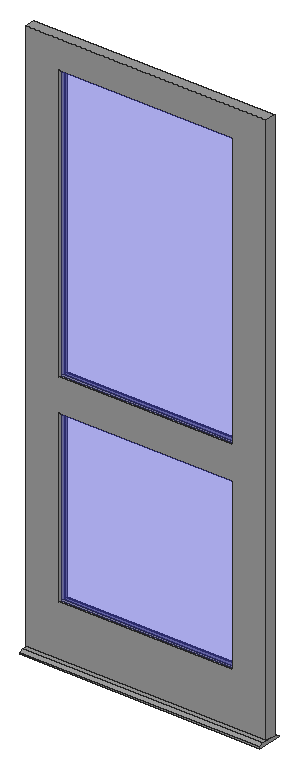
Revit family "WS-500 DOOR-VIP-1-SF_v04", category Curtain Panels, Revit 2015
Parameters
  Width [instance] = 3' - 2"
  VIP1 Panic Devices [instance] = no
  URL = "obe.com"
  Rough Width [instance] = 3' - 6"
  Panel Width [instance] = [Min-Max Rough Width]  # 3' - 6"
  Offset [instance] = 0' - 0"
  Model = "WS-500 DOOR"
  Min-Max Rough Width [instance] = if(and((Rough Width > 2' 11 255/256"), (Rough Width < 3' 6 1/256")), Rough Width, 3' 0")  # 3' - 6"
  Manufacturer = "Oldcastle BuildingEnvelope®"
  Keynote = "08 11 00"
  Hinge [instance] = yes
  Height [instance] = 8' - 0"
  Pushbar Height [instance] = 3' - 5 1/4"  # constant formula
  Glass Material = Glass
  Frame Material = Aluminum
  Door Panel Height [instance] = Height + 0' 0 21/32"  # 8' - 0 21/32"
  Description = "WS-500 - 1\" Door Infill"
  Assembly Code = "B2030\r\n"
  Analytic Construction = "<None>"
  8 Bottom Rail [instance] = yes
Reference planes (in)
  plane 1 "Front": y = 0
  plane 2: z = 0
  plane 3 "Center (Left/Right)": x = 0
  plane 4 "Left": x = -19
  plane 5 "Right": x = 19
  plane 6 "Top": z = 96
  plane 7: x = -21
  plane 8: x = 21
Text (in)
  text "Exterior" at (-54.29358, 31.38743, 0), in view "Ref. Level"
  text "Exterior" at (480, 41.53993, 89.60405), in view "Right"
  text "Exterior" at (-240, 57.82419, 105.78864), in view "Left"
Dimensions and locks (in)
  equal spacing: plane 4 "Left", plane 3 "Center (Left/Right)", plane 5 "Right"
  "Width": plane 4 "Left" to plane 5 "Right"
  "Height": plane 6 "Top" to plane 2
  equal spacing: plane 7, plane 3 "Center (Left/Right)", plane 8
  "Min-Max Rough Width": plane 7 to plane 8
  aligned and locked: level to plane 2
  aligned and locked: plane 3 "Center (Left/Right)" to nested 1
  aligned and locked: plane 1 "Front" to nested 1
Nested families (in)
  nested 1: "WS-500 DOOR-VIP-1-Panel_v03" at (0, -7, 0), 8 Bottom Rail <- "8 Bottom Rail", VIP1 Panic Devices <- "VIP1 Panic Devices", Hinge <- "Hinge", Height <- "Door Panel Height", Width <- "Min-Max Rough Width", Frame Material <- "Frame Material", Glass Material <- "Glass Material", Offset <- "Offset", type "WS-500 DOOR-VIP-1-Panel_v03"
    with built-in parameter 1001301 3' - 6", VIP1 Panic Devices no, Pushbar Height 3' - 5 1/4", Offset 0' - 0", Hinge yes, built-in parameter 1001300 8' - 0 21/32", Glass at Muntin 0' - 4 15/16", Glass Material Glass, Frame Material Aluminum, Bottom Rail 0' - 9 5/32", 8 Bottom Rail yes
Definition of nested family "WS-500 DOOR-VIP-1-Panel_v03"
  Parameters (values of type "WS-500 DOOR-VIP-1-Panel_v03")
    Width [instance] = 3' - 1 1/2"
    VIP1 Panic Devices [instance] = no
    Offset [instance] = 0' - 11"
    Hinge [instance] = yes
    Height [instance] = 8' - 0"
    Glass at Muntin [instance] = if(VIP1 Panic Devices, 0' 8 15/16", 0' 4 15/16")  # 0' - 4 15/16"
    Pushbar Height [instance] = 3' - 5 1/4"  # constant formula
    Glass Material [instance] = none
    Frame Material [instance] = none
    Bottom Rail [instance] = if([8 Bottom Rail], 0' 9 5/32", 0' 11 5/32")  # 0' - 11 5/32"
    8 Bottom Rail [instance] = no
  Reference planes (in)
    plane 1 "Center": y = -4.9375
    plane 2: z = 0
    plane 3 "Center (Left/Right)": x = 0
    plane 4: z = 96
    plane 5: x = 18.75
    plane 6: x = -18.75
    plane 7 "Center (Front/Back)": y = 7
    plane 8 "Exterior": y = -4.4375
    plane 9: z = 48
    plane 10: z = 92.96875
    plane 11: z = 11.15625
    plane 12: z = 38.78125
    plane 13: z = 43.71875
    plane 14: z = 90.875
    plane 15: x = 12.955
    plane 16: x = -12.955
    plane 17 "Offset": y = -4
    plane 18: z = 41.25
  Forms (in)
    Sweep 1, solid, material <- "Frame Material"
      path origin (0, -4.9375, 0) x (1, 0, 0) y (0, 0, 1)
        loop
          line (-18.31475, 96) -> (18.31475, 96)
      profile origin (0, -4.9375, 96) x (0, 0, 1) y (0, -1, 0)
        loop
          line (-5.40625, -0.875) -> (-0.65625, -0.875) -> (-0.65625, 0.875) -> (-5.40625, 0.875) -> (-5.40625, 0.5) -> (-5.125, 0.5) -> (-5.125, -0.5) -> (-5.40625, -0.5) -> (-5.40625, -0.875)
    Extrusion 2, solid, material <- "Glass Material", detail levels coarse
      sketch origin (0, 0, 0) x (0, 1, 0) y (0, 0, 1)
        loop
          line (-4.4375, 38.78125) -> (-5.4375, 38.78125) -> (-5.4375, 11.15625) -> (-4.4375, 11.15625) -> (-4.4375, 38.78125)
      from -12.955 to 12.955
    Sweep 3, solid, material <- "Frame Material"
      path origin (0, -4.9375, 0) x (1, 0, 0) y (0, 0, 1)
        loop
          line (18.31475, 0) -> (-18.31475, 0)
      profile origin (0, -4.9375, 0) x (0, 0, -1) y (0, -1, 0)
        loop
          line (-0.19364, 2.1875) -> (-0.5, 1.5305) -> (-0.5, -1.1555) -> (-0.19364, -1.8125) -> (-0.00001, -1.8125) -> (-0.00001, 2.1875) -> (-0.19364, 2.1875)
        loop
          line (-0.6875, -0.875) -> (-0.6875, 0.875) -> (-11.4375, 0.875) -> (-11.4375, 0.5) -> (-11.15625, 0.5) -> (-11.15625, -0.5) -> (-11.4375, -0.5) -> (-11.4375, -0.875) -> (-0.6875, -0.875)
    Sweep 4, solid, material <- "Frame Material"
      path origin (0, -4.9375, 0) x (1, 0, 0) y (0, 0, 1)
        loop
          line (18.75, 95.34375) -> (18.75, 0.6875)
      profile origin (18.75, -4.9375, 48.01562) x (0, -1, 0) y (1, 0, 0)
        loop
          line (-0.875, -0.32625) -> (-0.875, -6.07625) -> (-0.5, -6.07625) -> (-0.5, -5.795) -> (0.5, -5.795) -> (0.5, -6.07625) -> (0.875, -6.07625) -> (0.875, -0.43525) -> (-0.875, -0.32625)
    Sweep 5, solid, material <- "Frame Material"
      path origin (0, -4.9375, 0) x (1, 0, 0) y (0, 0, 1)
        loop
          line (-18.75, 95.34375) -> (-18.75, 0.6875)
      profile origin (-18.75, -4.9375, 48.01562) x (0, -1, 0) y (1, 0, 0)
        loop
          line (-0.875, 0.32625) -> (0.875, 0.43525) -> (0.875, 6.07625) -> (0.5, 6.07625) -> (0.5, 5.795) -> (-0.5, 5.795) -> (-0.5, 6.07625) -> (-0.875, 6.07625) -> (-0.875, 0.32625)
    Extrusion 6, solid, material <- "Glass Material", detail levels coarse
      sketch origin (0, 0, 0) x (0, 1, 0) y (0, 0, 1)
        loop
          line (-5.4375, 90.875) -> (-5.4375, 43.71875) -> (-4.4375, 43.71875) -> (-4.4375, 90.875) -> (-5.4375, 90.875)
      from -12.955 to 12.955
    Sweep 7, solid, material <- "Frame Material"
      path origin (0, -4.9375, 0) x (1, 0, 0) y (0, 0, 1)
        loop
          line (12.955, 48) -> (-12.955, 48)
      profile origin (0, -4.9375, 48) x (0, 0, -1) y (0, -1, 0)
        loop
          line (9.5, -0.875) -> (9.5, -0.5) -> (9.21875, -0.5) -> (9.21875, 0.5) -> (9.5, 0.5) -> (9.5, 0.875) -> (4, 0.875) -> (4, 0.5) -> (4.28125, 0.5) -> (4.28125, -0.5) -> (4, -0.5) -> (4, -0.875) -> (9.5, -0.875)
    Extrusion 8, solid, material <- "Glass Material", detail levels medium+fine
      sketch origin (0, 0, 0) x (0, 1, 0) y (0, 0, 1)
        loop
          line (-5.4375, 38.78125) -> (-5.4375, 11.15625) -> (-5.1895, 11.15625) -> (-5.1895, 38.78125) -> (-5.4375, 38.78125)
        loop
          line (-4.4375, 11.15625) -> (-4.4375, 38.78125) -> (-4.6855, 38.78125) -> (-4.6855, 11.15625) -> (-4.4375, 11.15625)
      from -12.955 to 12.955
    Extrusion 9, solid, material <- "Glass Material", detail levels medium+fine
      sketch origin (0, 0, 0) x (0, 1, 0) y (0, 0, 1)
        loop
          line (-4.4375, 43.71875) -> (-4.4375, 90.875) -> (-4.6855, 90.875) -> (-4.6855, 43.71875) -> (-4.4375, 43.71875)
        loop
          line (-5.4375, 43.71875) -> (-5.1895, 43.71875) -> (-5.1895, 90.875) -> (-5.4375, 90.875) -> (-5.4375, 43.71875)
      from -12.955 to 12.955
  Cuts and joins
    joined: Sweep 1, Sweep 3, Sweep 4, Sweep 5, Sweep 7
  Lines and regions (in)
    model lines
      curve 1: line (12.955, -4.4375, 90.875) -> (-12.955, -4.4375, 48)
      curve 2: line (-12.955, -4.9375, 48) -> (12.955, -4.9375, 11.15625)
  Dimensions and locks (in)
    "Height": plane 4 to level
    "Width": plane 6 to plane 5
    Extrusion 2 sketch curve to plane 1 "Center" to Extrusion 2 sketch curve = 0' - 0 1/2" locked, 0' - 0 1/2" locked
    "Bottom Rail": Extrusion 2 sketch curve to level
    plane 1 "Center" to plane 8 "Exterior" to plane 17 "Offset" = 0' - 0 1/2" locked, 0' - 0 7/16" locked
    equal spacing: level, plane 9, plane 4
    locked: Sweep 3 sketch curve to plane 6 at 0.43525
    locked: plane 5 to Sweep 3 sketch curve at 0.43525
    locked: Sweep 4 sketch curve to plane 4 at 0.65625
    locked: Sweep 5 sketch curve to plane 4 at 0.65625
    locked: Sweep 1 sketch curve to plane 6 at 0.43525
    locked: plane 5 to Sweep 1 sketch curve at 0.43525
    Extrusion 6 sketch curve to plane 1 "Center" to Extrusion 6 sketch curve = 0' - 0 1/2" locked, 0' - 0 1/2" locked
    locked: plane 5 to Sweep 7 sketch curve at 5.795
    locked: Sweep 7 sketch curve to plane 6 at 5.795
    locked: Sweep 3 sketch curve to Sweep 3 sketch curve at 0.28125
    Extrusion 8 sketch curve to Extrusion 8 sketch curve to plane 1 "Center" to Extrusion 8 sketch curve to Extrusion 8 sketch curve = 0' - 0.248" locked, 0' - 0.252" locked, 0' - 0.252" locked, 0' - 0.248" locked
    "Bottom Rail": plane 2 to plane 11
    "Glass at Muntin": plane 12 to plane 13
    locked: plane 14 to plane 4 at 5.125
    locked: plane 13 to Sweep 7 sketch curve at 0.28125  (x2)
    locked: Sweep 7 sketch curve to plane 12 at 0.28125  (x2)
    Extrusion 9 sketch curve to Extrusion 9 sketch curve to plane 1 "Center" to Extrusion 9 sketch curve to Extrusion 9 sketch curve = 0' - 0.248" locked, 0' - 0.252" locked, 0' - 0.252" locked, 0' - 0.248" locked
    locked: plane 11 to Sweep 3 sketch curve at 0.28125
    locked: plane 6 to plane 16 at 5.795
    locked: plane 15 to plane 5 at 5.795
    equal spacing: plane 6, plane 3 "Center (Left/Right)", plane 5
    "Offset": plane 7 "Center (Front/Back)" to plane 17 "Offset"
    equal spacing: plane 12, plane 18, plane 13
    "Pushbar Height": plane 2 to plane 18
    locked: Sweep 5 sketch curve to plane 2 at 0.6875
    locked: Sweep 4 sketch curve to plane 2 at 0.6875
    aligned and locked: plane 2 to level
    aligned and locked: Sweep 1 sketch curve to plane 4
    aligned and locked: Sweep 3 sketch curve to level
    aligned and locked: plane 5 to Sweep 4 sketch curve
    aligned and locked: plane 6 to Sweep 5 sketch curve
    aligned and locked: Sweep 7 sketch curve to plane 9
    aligned and locked: Extrusion 8 to Extrusion 2
    aligned and locked: Sweep 7 sketch curve to plane 13
    aligned and locked: plane 13 to Extrusion 6
    aligned and locked: plane 13 to Extrusion 9  (x2)
    aligned and locked: Extrusion 6 to plane 14
    aligned and locked: Extrusion 9 to plane 14  (x2)
    aligned and locked: plane 11 to Extrusion 2
    aligned and locked: plane 11 to Extrusion 8  (x2)
    aligned and locked: Extrusion 2 to plane 12
    aligned and locked: Extrusion 8 to plane 12  (x2)
    aligned and locked: curve 1 to cut or joined group of Sweep 1, Sweep 3, Sweep 4, Sweep 5, Sweep 7
    aligned and locked: Sweep 1 sketch curve to plane 14
    aligned and locked: plane 12 to Sweep 7 sketch curve
    aligned and locked: plane 11 to Sweep 3 sketch curve
    aligned and locked: Extrusion 9 to plane 16
    aligned and locked: Extrusion 6 to plane 16
    aligned and locked: plane 15 to Extrusion 6
    aligned and locked: plane 15 to Extrusion 9
    aligned and locked: plane 15 to Extrusion 2
    aligned and locked: plane 15 to Extrusion 8
    aligned and locked: Extrusion 2 to plane 16
    aligned and locked: plane 16 to Extrusion 2  (x2)
    aligned and locked: Extrusion 8 to plane 16
    aligned and locked: plane 16 to Extrusion 8  (x2)
    aligned and locked: Extrusion 8 to plane 15
    aligned and locked: Extrusion 2 to plane 15
    aligned and locked: plane 15 to curve 2
    aligned and locked: plane 9 to curve 2
    aligned and locked: plane 9 to curve 1
  Automatic sketch dimensions
    level to Extrusion 6 sketch curve = 3' - 7 23/32"
    Extrusion 6 sketch curve to plane 4 = 0' - 5 1/8"
    Sweep 4 sketch curve to plane 1 "Center" = 0' - 0 7/8"
    plane 1 "Center" to Sweep 4 sketch curve = 0' - 0 1/2"
    plane 1 "Center" to Sweep 4 sketch curve = 0' - 0 7/8"
    profile plane to Sweep 4 sketch curve = 0' - 6.07625"
    Sweep 4 sketch curve to Sweep 4 sketch curve = 0' - 0"
    Sweep 4 sketch curve to Sweep 4 sketch curve = 0' - 0 9/32"
    profile plane to Sweep 4 sketch curve = 0' - 0.32625"
    Sweep 4 sketch curve to Sweep 4 sketch curve = 0' - 0 3/8"
    Sweep 5 sketch curve to profile plane = 0' - 0.32625"
    Sweep 5 sketch curve to Sweep 5 sketch curve = 0' - 0"
    Sweep 5 sketch curve to Sweep 5 sketch curve = 0' - 0 3/8"
    profile plane to Sweep 1 sketch curve = 0' - 0 21/32"
    Sweep 1 sketch curve to plane 1 "Center" = 0' - 0 7/8"
    plane 1 "Center" to Sweep 1 sketch curve = 0' - 0 7/8"
    Sweep 1 sketch curve to Sweep 1 sketch curve = 0' - 0 3/8"  (x2)
    plane 1 "Center" to Sweep 7 sketch curve = 0' - 0 7/8"
    plane 1 "Center" to Sweep 7 sketch curve = 0' - 0 1/2"
    Sweep 7 sketch curve to plane 1 "Center" = 0' - 0 1/2"  (x2)
    Sweep 7 sketch curve to Sweep 7 sketch curve = 0' - 0 3/8"  (x2)
    level to Extrusion 8 sketch curve = 0' - 11 5/32"
    Extrusion 8 sketch curve to plane 9 = 0' - 9 7/32"
    Extrusion 8 sketch curve to Extrusion 8 sketch curve = 0' - 0"  (x2)
    profile plane to Sweep 3 sketch curve = 0' - 0.19364"  (x2)
    profile plane to Sweep 3 sketch curve = 0' - 0"
    Sweep 3 sketch curve to plane 1 "Center" = 0' - 1 13/16"
    Sweep 3 sketch curve to Sweep 3 sketch curve = 0' - 0.657"  (x2)
    Sweep 3 sketch curve to Sweep 3 sketch curve = 0' - 0 3/8"
    plane 1 "Center" to Sweep 3 sketch curve = 0' - 0 1/2"
    plane 1 "Center" to Sweep 3 sketch curve = 0' - 0 7/8"
    Extrusion 9 sketch curve to Extrusion 9 sketch curve = 0' - 0"
    plane 1 "Center" to Sweep 5 sketch curve = 0' - 0 1/2"
    Sweep 5 sketch curve to plane 1 "Center" = 0' - 0 1/2"
    Sweep 5 sketch curve to Sweep 5 sketch curve = 0' - 0.109"
    Sweep 5 sketch curve to Sweep 5 sketch curve = 0' - 5.35975"
    Sweep 5 sketch curve to plane 1 "Center" = 0' - 0 7/8"
    Sweep 5 sketch curve to Sweep 5 sketch curve = 0' - 0 9/32"
    Sweep 4 sketch curve to Sweep 4 sketch curve = 0' - 0.109"
    Extrusion 9 sketch curve to plane 14 = 0' - 0"  (x2)
    Extrusion 9 sketch curve to plane 13 = 0' - 0"
    Sweep 1 sketch curve to Sweep 1 sketch curve = 0' - 0 9/32"  (x2)
    curve 2 to plane 16 = 0' - 0"
    curve 2 to plane 11 = 0' - 0"
    curve 1 to plane 16 = 0' - 0"
    curve 1 to plane 14 = 0' - 0"
    Sweep 3 sketch curve to Sweep 3 sketch curve = 0' - 0 3/16"
    Sweep 3 sketch curve to Sweep 3 sketch curve = 0' - 2.4055"
    profile plane to Sweep 3 sketch curve = 0' - 0 1/2"
    Sweep 3 sketch curve to Sweep 3 sketch curve = 0' - 0.6555"
    plane 12 to Extrusion 2 sketch curve = 0' - 0"
